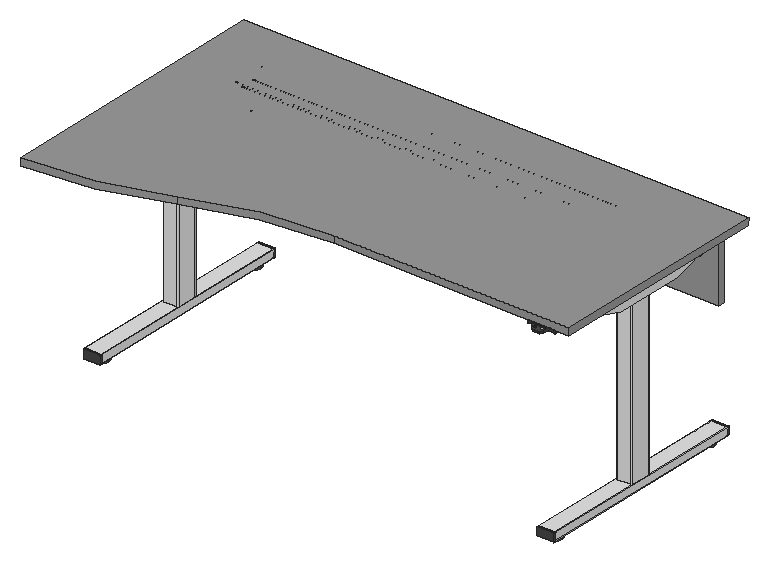
Revit family "Wave Desk - LH", category Furniture, Revit 2016 (continued)
Definition of nested family "Cable Tray"
  Lines and regions (mm)
    sketch lines
      curve 213: arc (-200, 247.192, 613.5) -> (-200, 245.429, 614.073) -> (-200, 244.339, 615.573) r 3
      curve 214: line (-200, 244.339, 615.573) -> (-200, 236.24, 640.5)
      curve 215: line (-200, 333.661, 615.573) -> (-200, 341.76, 640.5)
      curve 216: arc (-200, 330.808, 613.5) -> (-200, 332.571, 614.073) -> (-200, 333.661, 615.573) r 3
    sketch lines, not visible
      curve 20: line (0, 318.719, 618.385) -> (0, 235.103, 618.385)
      curve 21: arc (0, 235.103, 618.385) -> (0, 233.34, 618.958) -> (0, 232.25, 620.458) r 3
      curve 22: line (0, 232.25, 620.458) -> (0, 224.151, 645.385)
      curve 23: line (0, 321.572, 620.458) -> (0, 329.671, 645.385)
      curve 24: arc (0, 318.719, 618.385) -> (0, 320.482, 618.958) -> (0, 321.572, 620.458) r 3
  Dimensions and locks
    equal spacing: plane 4, plane 3 "Center (Left/Right)", plane 5
    "Width": plane 4 to plane 5
    equal spacing: plane 7, plane 1 "Center (Front/Back)", plane 8
    locked: plane 7 to plane 8 at 800
    locked: plane 2 to plane 9 "Foot" at 15
    "HeightControl": plane 10 to level
    locked: plane 10 to plane 6 "Desktop Underside" at 25
    locked: plane 4 to plane 11 "Cable Tray Left" at 100
    locked: plane 12 "Cable Tray Right" to plane 5 at 100
    equal spacing: curve 3, curve 51, curve 123, curve 63, curve 75, curve 87, curve 99, curve 111, curve 27
    equal spacing: curve 39, curve 195, curve 183, curve 171, curve 159, curve 147, curve 207, curve 135, curve 3
    locked: plane 6 "Desktop Underside" to Extrusion 1 at 61.5
    locked: plane 7 to Extrusion 1 at 53.5
    locked: plane 6 "Desktop Underside" to Sweep 5 at 61.964
    locked: plane 6 "Desktop Underside" to Sweep 18 at 61.964
    locked: plane 6 "Desktop Underside" to Sweep 17 at 61.964
    locked: plane 6 "Desktop Underside" to Sweep 16 at 61.964
    locked: plane 6 "Desktop Underside" to Sweep 15 at 61.964
    locked: plane 6 "Desktop Underside" to Sweep 14 at 61.964
    locked: plane 6 "Desktop Underside" to Sweep 19 at 61.964
    locked: plane 6 "Desktop Underside" to Sweep 13 at 61.964
    locked: plane 6 "Desktop Underside" to Sweep 2 at 61.964
    locked: plane 6 "Desktop Underside" to Sweep 6 at 61.964
    locked: plane 6 "Desktop Underside" to Sweep 12 at 61.964
    locked: plane 6 "Desktop Underside" to Sweep 7 at 61.964
    locked: plane 6 "Desktop Underside" to Sweep 8 at 61.964
    locked: plane 6 "Desktop Underside" to Sweep 9 at 61.964
    locked: plane 6 "Desktop Underside" to Sweep 10 at 61.964
    locked: plane 6 "Desktop Underside" to Sweep 11 at 61.964
    locked: plane 6 "Desktop Underside" to Sweep 4 at 61.964
    locked: plane 7 to Extrusion 20 at 50.5
    locked: Extrusion 20 to plane 12 "Cable Tray Right" at 160
    locked: Extrusion 20 to Extrusion 20 at 25
    locked: Extrusion 21 to Extrusion 21 at 25
    locked: plane 11 "Cable Tray Left" to Extrusion 21 at 160
    aligned and locked: level to plane 2
    aligned and locked: Extrusion 1 to plane 12 "Cable Tray Right"
    aligned and locked: Extrusion 1 to plane 11 "Cable Tray Left"
    aligned and locked: plane 12 "Cable Tray Right" to curve 27
    aligned and locked: curve 39 to plane 11 "Cable Tray Left"
    aligned and locked: plane 6 "Desktop Underside" to Extrusion 20
  Automatic sketch dimensions
    Sweep 2 sketch curve to profile plane = 0 mm  (x2)
    Sweep 3 sketch curve to profile plane = 0 mm  (x2)
    Sweep 4 sketch curve to profile plane = 0 mm  (x2)
    Sweep 5 sketch curve to profile plane = 0 mm  (x2)
    Sweep 6 sketch curve to profile plane = 0 mm  (x2)
    Sweep 7 sketch curve to profile plane = 0 mm  (x2)
    Sweep 8 sketch curve to profile plane = 0 mm  (x2)
    Sweep 9 sketch curve to profile plane = 0 mm  (x2)
    Sweep 10 sketch curve to profile plane = 0 mm  (x2)
    Sweep 11 sketch curve to profile plane = 0 mm  (x2)
    Sweep 12 sketch curve to profile plane = 0 mm  (x2)
    Sweep 13 sketch curve to profile plane = 0 mm  (x2)
    Sweep 14 sketch curve to profile plane = 0 mm  (x2)
    Sweep 15 sketch curve to profile plane = 0 mm  (x2)
    Sweep 16 sketch curve to profile plane = 0 mm  (x2)
    Sweep 17 sketch curve to profile plane = 0 mm  (x2)
    Sweep 18 sketch curve to profile plane = 0 mm  (x2)
    Sweep 19 sketch curve to profile plane = 0 mm  (x2)
    Extrusion 1 sketch curve to plane 6 "Desktop Underside" = 61.5 mm  (x2)
    Extrusion 1 sketch curve to plane 7 = 167 mm
    Extrusion 1 sketch curve to Extrusion 1 sketch curve = 31 mm  (x2)
    Extrusion 1 sketch curve to Extrusion 1 sketch curve = 50 mm
    Extrusion 1 sketch curve to Extrusion 1 sketch curve = 30 mm  (x2)
    Extrusion 20 sketch curve to Extrusion 20 sketch curve = 0 mm  (x11)
    Extrusion 20 sketch curve to plane 6 "Desktop Underside" = 0 mm
    Extrusion 20 sketch curve to plane 6 "Desktop Underside" = 31.5 mm
    Extrusion 20 sketch curve to plane 7 = 171.565 mm
    Extrusion 20 sketch curve to Extrusion 20 sketch curve = 0.065 mm  (x2)
    Extrusion 20 sketch curve to Extrusion 20 sketch curve = 3 mm  (x4)
    Extrusion 20 sketch curve to Extrusion 20 sketch curve = 1.5 mm  (x4)
    Extrusion 20 sketch curve to Extrusion 20 sketch curve = 2.634 mm
    Extrusion 20 sketch curve to Extrusion 20 sketch curve = 0.049 mm  (x2)
    Extrusion 20 sketch curve to Extrusion 20 sketch curve = 39.801 mm
    Extrusion 20 sketch curve to Extrusion 20 sketch curve = 6 mm  (x2)
    Extrusion 20 sketch curve to Extrusion 20 sketch curve = 54.484 mm
    Extrusion 20 sketch curve to plane 6 "Desktop Underside" = 5 mm  (x2)
    Extrusion 20 sketch curve to Extrusion 20 sketch curve = 12 mm
    Extrusion 20 sketch curve to Extrusion 20 sketch curve = 36.451 mm
    Extrusion 20 sketch curve to Extrusion 20 sketch curve = 0.35 mm
    Extrusion 20 sketch curve to Extrusion 20 sketch curve = 0.016 mm
    Extrusion 20 sketch curve to plane 6 "Desktop Underside" = 56.074 mm
    Extrusion 20 sketch curve to Extrusion 20 sketch curve = 20.781 mm
    Extrusion 20 sketch curve to Extrusion 20 sketch curve = 5 mm  (x3)
    Extrusion 20 sketch curve to Extrusion 20 sketch curve = 5.426 mm
    Extrusion 20 sketch curve to Extrusion 20 sketch curve = 81.082 mm
    Extrusion 20 sketch curve to Extrusion 20 sketch curve = 3.312 mm
    Extrusion 20 sketch curve to Extrusion 20 sketch curve = 20.355 mm
    Extrusion 20 sketch curve to Extrusion 20 sketch curve = 2 mm  (x2)
    Extrusion 20 sketch curve to Extrusion 20 sketch curve = 0.293 mm  (x2)
    Extrusion 20 sketch curve to Extrusion 20 sketch curve = 3.101 mm
    Extrusion 20 sketch curve to plane 6 "Desktop Underside" = 8.101 mm
    Extrusion 20 sketch curve to Extrusion 20 sketch curve = 0.033 mm
    Extrusion 20 sketch curve to Extrusion 20 sketch curve = 1.263 mm
    Extrusion 21 sketch curve to Extrusion 21 sketch curve = 0 mm  (x11)
    Extrusion 21 sketch curve to plane 6 "Desktop Underside" = 0 mm
    Extrusion 21 sketch curve to plane 6 "Desktop Underside" = 31.5 mm
    Extrusion 21 sketch curve to plane 7 = 171.565 mm
    Extrusion 21 sketch curve to Extrusion 21 sketch curve = 0.065 mm  (x2)
    Extrusion 21 sketch curve to Extrusion 21 sketch curve = 3 mm  (x4)
    Extrusion 21 sketch curve to Extrusion 21 sketch curve = 1.5 mm  (x4)
    Extrusion 21 sketch curve to Extrusion 21 sketch curve = 2.634 mm
    Extrusion 21 sketch curve to Extrusion 21 sketch curve = 0.049 mm  (x2)
    Extrusion 21 sketch curve to Extrusion 21 sketch curve = 39.801 mm
    Extrusion 21 sketch curve to Extrusion 21 sketch curve = 6 mm  (x2)
    Extrusion 21 sketch curve to Extrusion 21 sketch curve = 54.484 mm
    Extrusion 21 sketch curve to plane 6 "Desktop Underside" = 5 mm  (x2)
    Extrusion 21 sketch curve to Extrusion 21 sketch curve = 12 mm
    Extrusion 21 sketch curve to Extrusion 21 sketch curve = 36.451 mm
    Extrusion 21 sketch curve to Extrusion 21 sketch curve = 0.35 mm
    Extrusion 21 sketch curve to Extrusion 21 sketch curve = 0.016 mm
    Extrusion 21 sketch curve to Extrusion 21 sketch curve = 3.101 mm  (x2)
    Extrusion 21 sketch curve to plane 6 "Desktop Underside" = 24.207 mm
    Extrusion 21 sketch curve to Extrusion 21 sketch curve = 7.293 mm
    Extrusion 21 sketch curve to Extrusion 21 sketch curve = 0.293 mm  (x2)
    Extrusion 21 sketch curve to Extrusion 21 sketch curve = 5 mm  (x3)
    Extrusion 21 sketch curve to Extrusion 21 sketch curve = 2 mm
    Extrusion 21 sketch curve to Extrusion 21 sketch curve = 20.355 mm
    Extrusion 21 sketch curve to Extrusion 21 sketch curve = 20.781 mm
    Extrusion 21 sketch curve to Extrusion 21 sketch curve = 5.426 mm
    Extrusion 21 sketch curve to Extrusion 21 sketch curve = 81.082 mm
    Extrusion 21 sketch curve to Extrusion 21 sketch curve = 3.312 mm
    Extrusion 21 sketch curve to Extrusion 21 sketch curve = 0.033 mm
    Extrusion 21 sketch curve to Extrusion 21 sketch curve = 1.263 mm
    radius of Sweep 2 sketch curve = 1.5 mm
    radius of Sweep 3 sketch curve = 1.5 mm
    radius of Sweep 4 sketch curve = 1.5 mm
    radius of Sweep 5 sketch curve = 1.5 mm
    radius of Sweep 6 sketch curve = 1.5 mm
    radius of Sweep 7 sketch curve = 1.5 mm
    radius of Sweep 8 sketch curve = 1.5 mm
    radius of Sweep 9 sketch curve = 1.5 mm
    radius of Sweep 10 sketch curve = 1.5 mm
    radius of Sweep 11 sketch curve = 1.5 mm
    radius of Sweep 12 sketch curve = 1.5 mm
    radius of Sweep 13 sketch curve = 1.5 mm
    radius of Sweep 14 sketch curve = 1.5 mm
    radius of Sweep 15 sketch curve = 1.5 mm
    radius of Sweep 16 sketch curve = 1.5 mm
    radius of Sweep 17 sketch curve = 1.5 mm
    radius of Sweep 18 sketch curve = 1.5 mm
    radius of Sweep 19 sketch curve = 1.5 mm
    radius of Extrusion 1 sketch curve = 1.5 mm  (x4)
Types (13, lengths in mm): name | Width | Product Code | Modesty Panel Visible | Modesty Panel | Cable Tray Visible | Cable Tray
  (no name) | 1800 | "HDLWL18" | yes | "BTCPW18" | yes | "MECT18"
  1600 x 800 x 1000 | 1600 | "HDLWL16" | no | "" | no | ""
  1800 x 800 x 1000 | 1800 | "HDLWL18" | no | "" | no | ""
  1400 x 800 x 1000 | 1400 | "HDLWL14" | no | "" | no | ""
  1800 x 800 x 1000 with Modesty Panel & Cable Tray | 1800 | "HDLWL18" | yes | "BTCPW18" | yes | "MECT18"
  1800 x 800 x 1000 with Modesty Panel | 1800 | "HDLWL18" | yes | "BTCPW18" | no | ""
  1800 x 800 x 1000 with Cable Tray | 1800 | "HDLWL18" | no | "" | yes | "MECT18"
  1600 x 800 x 1000 with Modesty Panel & Cable Tray | 1600 | "HDLWL16" | yes | "BTCPW16" | yes | "MECT16"
  1600 x 800 x 1000 with Modesty Panel | 1600 | "HDLWL16" | yes | "BTCPW16" | no | ""
  1600 x 800 x 1000 with Cable Tray | 1600 | "HDLWL16" | no | "" | yes | "MECT16"
  1400 x 800 x 1000 with Modesty Panel & Cable Tray | 1400 | "HDLWL14" | yes | "BTCPW14" | yes | "MECT14"
  1400 x 800 x 1000 with Modesty Panel | 1400 | "HDLWL14" | yes | "BTCPW14" | no | ""
  1400 x 800 x 1000 with Cable Tray | 1400 | "HDLWL14" | no | "" | yes | "MECT14"
